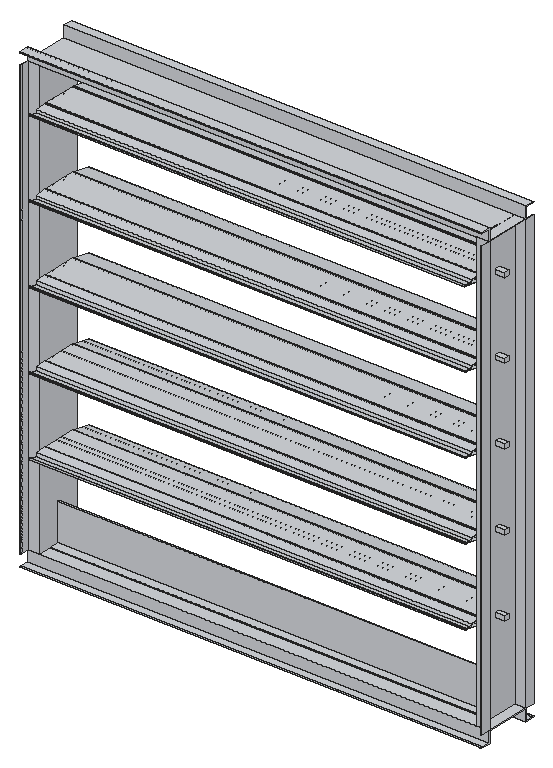
Revit family "CD-160,161", category Mechanical Equipment, Revit 2015
Parameters
  URL = "http://unitedenertech.com/catalog/pdf/A_13%20CD-160,%20161.pdf"
  Type Comments = "Max. Single Section Size is (48\"w x 60\"h)"
  Model = "CD-160, CD-161"
  Manufacturer = "United Enertech Corporation"
  Keynote = "This model is only a representation of the product, blade position will vary from built dampers."
  Exact Width = 3' - 0"
  Exact Height = 3' - 0"
  Description = "Airfoil Opposed Blade / Parallel Blade Steel Control Damper"
  Blade Spacing = 0' - 6"
  Blade Number [instance] = rounddown((Exact Height - 0' 3") / Blade Spacing)  # 5
  BW [instance] = Exact Width - 0' 2 1/8"  # 2' - 9 7/8"
Reference planes (in)
  plane 1 "Center (Front/Back)": y = 0
  plane 2: z = 0
  plane 3 "Center (Left/Right)": x = 0
  plane 4: x = -18
  plane 5: x = 18
  plane 6: z = 36
  plane 7: z = 35.0652
  plane 8: z = 0.9348
  plane 9: x = -17.0652
  plane 10: x = 17.0652
  plane 11: z = 32.27732
Forms (in)
  Extrusion 1, solid
    sketch origin (18.89882, -8.11588, 0) x (1, 0, 0) y (0, 1, 0)
      loop
        line (-36.83902, 8.11588) -> (-36.83902, 8.17568) -> (-36.83902, 8.80608) -> (-35.96402, 8.80608) -> (-35.96402, 12.42568) -> (-36.83902, 12.42568) -> (-36.83902, 13.05608) -> (-36.83902, 13.11588) -> (-36.89882, 13.11588) -> (-36.89882, 12.36588) -> (-36.02382, 12.36588) -> (-36.02382, 8.86588) -> (-36.89882, 8.86588) -> (-36.89882, 8.11588) -> (-36.83902, 8.11588)
    from 0.9348 to 35.0652
  Extrusion 2, solid
    sketch origin (-18.89882, -8.11588, 0) x (-1, 0, 0) y (0, -1, 0)
      loop
        line (-36.83902, -8.11588) -> (-36.89882, -8.11588) -> (-36.89882, -8.86588) -> (-36.02382, -8.86588) -> (-36.02382, -12.36588) -> (-36.89882, -12.36588) -> (-36.89882, -13.11588) -> (-36.83902, -13.11588) -> (-36.83902, -13.05608) -> (-36.83902, -12.42568) -> (-35.96402, -12.42568) -> (-35.96402, -8.80608) -> (-36.83902, -8.80608) -> (-36.83902, -8.17568) -> (-36.83902, -8.11588)
    from 0.9348 to 35.0652
  Extrusion 3, solid
    sketch origin (-18.65691, -8.11588, 5.10118) x (0, 0, -1) y (0, 1, 0)
      loop
        line (-30.83902, 8.11588) -> (-30.83902, 8.17568) -> (-30.83902, 8.80608) -> (-29.96402, 8.80608) -> (-29.96402, 12.42568) -> (-30.83902, 12.42568) -> (-30.83902, 13.05608) -> (-30.83902, 13.11588) -> (-30.89882, 13.11588) -> (-30.89882, 12.36588) -> (-30.02382, 12.36588) -> (-30.02382, 8.86588) -> (-30.89882, 8.86588) -> (-30.89882, 8.11588) -> (-30.83902, 8.11588)
    from 0.65691 to 36.65691
  Extrusion 4, solid
    sketch origin (-30.43142, -8.11588, 36.89882) x (0, 0, 1) y (0, 1, 0)
      loop
        line (-36.83902, 8.17568) -> (-36.83902, 8.80608) -> (-35.96402, 8.80608) -> (-35.96402, 12.42568) -> (-36.83902, 12.42568) -> (-36.83902, 13.05608) -> (-36.83902, 13.11588) -> (-36.89882, 13.11588) -> (-36.89882, 12.36588) -> (-36.02382, 12.36588) -> (-36.02382, 8.86588) -> (-36.89882, 8.86588) -> (-36.89882, 8.11588) -> (-36.83902, 8.11588) -> (-36.83902, 8.17568)
    from -48.43142 to -12.43142
  Extrusion 5, solid
    sketch origin (-35.50069, -38.44609, 25.36795) x (0, -1, 0) y (0, 0, -1)
      loop
        line (-41.02709, -9.19725) -> (-41.02709, -9.69725) -> (-40.27709, -9.69725) -> (-40.27709, -9.61625) -> (-40.94609, -9.61625) -> (-40.94609, -9.19725) -> (-41.02709, -9.19725)
    from 18.43549 to 52.56589
  Extrusion 6, solid
    sketch origin (0, 5.64851, 0.33329) x (0, 1, 0) y (0, 0, 1)
      loop
        line (-3.14851, 3.60151) -> (-3.22663, 3.60151) -> (-3.22663, 0.67964) -> (-3.89851, 0.67964) -> (-3.89851, 0.60151) -> (-3.14851, 0.60151) -> (-3.14851, 3.60151)
    from -17.0652 to 17.0652
Dimensions and locks (in)
  equal spacing: plane 4, plane 3 "Center (Left/Right)", plane 5
  "Exact Width": plane 4 to plane 5
  "Exact Height": plane 6 to level
  locked: plane 6 to plane 7 at 0.9348
  locked: plane 8 to level at 0.9348
  locked: plane 10 to plane 5 at 0.9348
  locked: plane 4 to plane 9 at 0.9348
  locked: plane 7 to plane 11 at 2.78788
  equal spacing: group 1, group 2, group 3, group 4, group 5  (x2)
  equal spacing: group 5, group 4, group 3, group 2, group 1
  "Blade Spacing": nested 1 to nested 2
  aligned and locked: level to plane 2
  aligned and locked: plane 6 to Extrusion 3
  aligned and locked: plane 4 to Extrusion 3
  aligned and locked: Extrusion 3 to plane 5
  aligned and locked: plane 7 to Extrusion 1
  aligned and locked: plane 7 to Extrusion 2
  aligned and locked: Extrusion 1 to plane 8
  aligned and locked: Extrusion 2 to plane 8
  aligned and locked: Extrusion 4 to plane 5
  aligned and locked: plane 4 to Extrusion 4
  aligned and locked: Extrusion 5 to Extrusion 3
  aligned and locked: plane 10 to Extrusion 5
  aligned and locked: Extrusion 5 to plane 9
  aligned and locked: plane 3 "Center (Left/Right)" to nested 1
  aligned and locked: plane 11 to nested 1
  aligned and locked: Extrusion 6 to plane 9
  aligned and locked: plane 10 to Extrusion 6
Automatic sketch dimensions
  Extrusion 1 sketch curve to plane 4 = 0' - 0"  (x2)
  plane 1 "Center (Front/Back)" to Extrusion 1 sketch curve = 0' - 0"
  Extrusion 1 sketch curve to plane 9 = 0' - 0"
  Extrusion 1 sketch curve to plane 4 = 0' - 0.0598"  (x2)
  Extrusion 1 sketch curve to plane 9 = 0' - 0.0598"
  Extrusion 1 sketch curve to plane 1 "Center (Front/Back)" = 0' - 0.0598"
  Extrusion 1 sketch curve to Extrusion 1 sketch curve = 0' - 0.6304"  (x2)
  Extrusion 1 sketch curve to Extrusion 1 sketch curve = 0' - 0.0598"  (x3)
  Extrusion 1 sketch curve to Extrusion 1 sketch curve = 0' - 3 1/2"
  Extrusion 2 sketch curve to plane 5 = 0' - 0"  (x2)
  plane 1 "Center (Front/Back)" to Extrusion 2 sketch curve = 0' - 0"
  Extrusion 2 sketch curve to plane 10 = 0' - 0"
  Extrusion 2 sketch curve to plane 5 = 0' - 0.0598"  (x2)
  Extrusion 2 sketch curve to plane 10 = 0' - 0.0598"
  Extrusion 2 sketch curve to Extrusion 2 sketch curve = 0' - 0.0598"  (x4)
  Extrusion 2 sketch curve to Extrusion 2 sketch curve = 0' - 0.6304"  (x2)
  Extrusion 2 sketch curve to Extrusion 2 sketch curve = 0' - 3 1/2"
  Extrusion 3 sketch curve to plane 6 = 0' - 0"  (x2)
  Extrusion 3 sketch curve to plane 1 "Center (Front/Back)" = 0' - 0"
  Extrusion 3 sketch curve to plane 7 = 0' - 0"
  Extrusion 3 sketch curve to plane 6 = 0' - 0.0598"  (x2)
  plane 7 to Extrusion 3 sketch curve = 0' - 0.0598"
  Extrusion 3 sketch curve to Extrusion 3 sketch curve = 0' - 0.0598"  (x4)
  Extrusion 3 sketch curve to Extrusion 3 sketch curve = 0' - 0.6304"  (x2)
  Extrusion 3 sketch curve to Extrusion 3 sketch curve = 0' - 3 1/2"
  Extrusion 4 sketch curve to level = 0' - 0"  (x2)
  Extrusion 4 sketch curve to plane 1 "Center (Front/Back)" = 0' - 0"
  Extrusion 4 sketch curve to plane 8 = 0' - 0"
  level to Extrusion 4 sketch curve = 0' - 0.0598"  (x2)
  Extrusion 4 sketch curve to plane 8 = 0' - 0.0598"
  Extrusion 4 sketch curve to plane 1 "Center (Front/Back)" = 0' - 0.0598"
  Extrusion 4 sketch curve to Extrusion 4 sketch curve = 0' - 0.6304"  (x2)
  Extrusion 4 sketch curve to Extrusion 4 sketch curve = 0' - 0.0598"  (x3)
  Extrusion 4 sketch curve to Extrusion 4 sketch curve = 0' - 3 1/2"
  Extrusion 5 sketch curve to plane 1 "Center (Front/Back)" = 0' - 2.581"
  Extrusion 5 sketch curve to Extrusion 5 sketch curve = 0' - 0.081"  (x2)
  Extrusion 5 sketch curve to Extrusion 5 sketch curve = 0' - 0.669"
  plane 8 to Extrusion 5 sketch curve = 2' - 10.1304"
  Extrusion 5 sketch curve to Extrusion 5 sketch curve = 0' - 0.419"
  plane 8 to Extrusion 6 sketch curve = 0' - 0 5/64"
  Extrusion 6 sketch curve to plane 1 "Center (Front/Back)" = 0' - 1 3/4"
  Extrusion 6 sketch curve to Extrusion 6 sketch curve = 0' - 0 43/64"
  Extrusion 6 sketch curve to Extrusion 6 sketch curve = 0' - 0 5/64"  (x2)
  Extrusion 6 sketch curve to Extrusion 6 sketch curve = 0' - 2 59/64"
Nested families (in)
  nested 1: "160BL" at (0, 2.25202, 30.67097), type "160BL"
    with Blade Width 2' - 9 7/8"
  nested 2: "160BL" at (0, 2.25202, 24.67097), type "160BL"
    with Blade Width 2' - 9 7/8"
  nested 3: "160BL" at (0, 2.25202, 18.67097), type "160BL"
    with Blade Width 2' - 9 7/8"
  nested 4: "160BL" at (0, 2.25202, 12.67097), type "160BL"
    with Blade Width 2' - 9 7/8"
  nested 5: "160BL" at (0, 2.25202, 6.67097), type "160BL"
    with Blade Width 2' - 9 7/8"
Definition of nested family "160BL"
  Parameters (values of type "160BL")
    Blade Width = 2' - 0"
  Reference planes (in)
    plane 1 "Center (Front/Back)": y = 0
    plane 2: z = 0
    plane 3 "Center (Left/Right)": x = 0
    plane 4: x = -12
    plane 5: x = 12
    plane 6: x = 13
    plane 7: x = 10
    plane 8: x = -10
    plane 9: x = -13
  Forms (in)
    Extrusion 1, solid
      sketch origin (-29.66395, -41.88595, -4.51752) x (0, -1, 0) y (0, 0, -1)
        loop
          line (-42.3214, -5.69562) -> (-42.3214, -6.04405) -> (-41.94647, -6.04405) -> (-41.94647, -5.69562) -> (-42.3214, -5.69562)
      from 39.66395 to 42.66395
    Extrusion 2, solid
      sketch origin (-29.66395, -42.01854, -6.8342) x (0, -1, 0) y (0, 0, -1)
        loop
          line (-43.46599, -7.97904) -> (-43.51899, -7.97904) -> (-43.51899, -8.39235) -> (-42.90411, -8.41377) -> (-42.50696, -8.41377) -> (-42.50696, -8.36074) -> (-42.90411, -8.36074) -> (-43.46599, -8.34116) -> (-43.46599, -7.97904)
      from 17.66395 to 41.66395
    Extrusion 3, solid
      sketch origin (-29.66395, -42.01854, -6.8342) x (0, -1, 0) y (0, 0, -1)
        loop
          line (-43.41296, -8.32667) -> (-43.41296, -8.03022) -> (-42.89933, -8.01224) -> (-42.50696, -8.01224) -> (-42.50696, -8.41377) -> (-42.02598, -8.41377) -> (-42.02598, -8.0123) -> (-41.62883, -8.0123) -> (-41.11996, -8.03003) -> (-41.11996, -8.32648) -> (-41.06699, -8.32648) -> (-41.06699, -7.97904) -> (-41.63442, -7.95927) -> (-42.07906, -7.95927) -> (-42.07906, -8.36074) -> (-42.45398, -8.36074) -> (-42.45398, -7.95927) -> (-42.90119, -7.95927) -> (-43.46596, -7.97904) -> (-43.46596, -8.32667) -> (-43.41296, -8.32667)
      from 17.66395 to 41.66395
    Extrusion 4, solid
      sketch origin (-29.66395, -42.01854, -6.8342) x (0, -1, 0) y (0, 0, -1)
        loop
          line (-42.45398, -7.95927) -> (-42.45398, -8.01224) -> (-42.07906, -8.01224) -> (-42.07906, -7.95927) -> (-42.45398, -7.95927)
      from 17.66395 to 41.66395
    Extrusion 5, solid
      sketch origin (-29.66395, -42.01854, -6.8342) x (0, -1, 0) y (0, 0, -1)
        loop
          line (-41.06705, -7.97904) -> (-41.06705, -8.34116) -> (-41.62893, -8.36074) -> (-42.02598, -8.36074) -> (-42.02598, -8.41377) -> (-41.62893, -8.41377) -> (-41.01405, -8.39235) -> (-41.01405, -7.97904) -> (-41.06705, -7.97904)
      from 17.66395 to 41.66395
    Extrusion 6, solid
      sketch origin (-29.66395, -42.01854, -6.8342) x (0, -1, 0) y (0, 0, -1)
        loop
          line (-45.11444, -8.04212) -> (-45.14143, -8.06102) -> (-45.14143, -8.15472) -> (-43.65311, -8.44766) -> (-43.61881, -8.3631) -> (-43.58593, -8.44056) -> (-40.94517, -8.44056) -> (-40.91325, -8.36156) -> (-40.87962, -8.44109) -> (-40.06454, -8.37558) -> (-40.01199, -8.16476) -> (-39.44168, -8.27557) -> (-39.41851, -8.2524) -> (-40.03184, -8.13323) -> (-40.08641, -8.35172) -> (-40.86, -8.41376) -> (-40.88095, -8.33556) -> (-40.94478, -8.33556) -> (-40.96652, -8.41377) -> (-43.56615, -8.41377) -> (-43.58705, -8.33578) -> (-43.65168, -8.33578) -> (-43.67323, -8.41619) -> (-45.11444, -8.13252) -> (-45.11444, -8.04212)
      from 17.66395 to 41.66395
    Extrusion 7, solid
      sketch origin (-29.66395, 42.51351, 9.53877) x (0, 1, 0) y (0, 0, 1)
        loop
          line (-45.11444, -8.04212) -> (-45.14143, -8.06102) -> (-45.14143, -8.15472) -> (-43.65311, -8.44766) -> (-43.61881, -8.3631) -> (-43.58593, -8.44056) -> (-40.94517, -8.44056) -> (-40.91325, -8.36156) -> (-40.87962, -8.44109) -> (-40.06454, -8.37558) -> (-40.01199, -8.16476) -> (-39.44168, -8.27557) -> (-39.41851, -8.2524) -> (-40.03184, -8.13323) -> (-40.08641, -8.35172) -> (-40.86, -8.41376) -> (-40.88095, -8.33556) -> (-40.94478, -8.33556) -> (-40.96652, -8.41377) -> (-43.56615, -8.41377) -> (-43.58705, -8.33578) -> (-43.65168, -8.33578) -> (-43.67323, -8.41619) -> (-45.11444, -8.13252) -> (-45.11444, -8.04212)
      from 17.66395 to 41.66395
    Extrusion 8, solid
      sketch origin (-63.16395, -41.88595, -4.51752) x (0, -1, 0) y (0, 0, -1)
        loop
          line (-42.3214, -5.69562) -> (-42.3214, -6.04405) -> (-41.94647, -6.04405) -> (-41.94647, -5.69562) -> (-42.3214, -5.69562)
      from 50.16395 to 53.16395
  Dimensions and locks (in)
    equal spacing: plane 4, plane 3 "Center (Left/Right)", plane 5
    "Blade Width": plane 4 to plane 5
    locked: plane 7 to plane 5 at 2
    locked: plane 5 to plane 6 at 1
    locked: plane 4 to plane 8 at 2
    locked: plane 9 to plane 4 at 1
    aligned and locked: level to plane 2
    aligned and locked: plane 5 to Extrusion 6
    aligned and locked: plane 5 to Extrusion 7
    aligned and locked: plane 5 to Extrusion 5
    aligned and locked: plane 5 to Extrusion 3
    aligned and locked: plane 5 to Extrusion 2
    aligned and locked: Extrusion 1 to plane 6
    aligned and locked: plane 5 to Extrusion 4
    aligned and locked: plane 7 to Extrusion 1
    aligned and locked: Extrusion 8 to plane 9
    aligned and locked: Extrusion 8 to plane 8
    aligned and locked: plane 4 to Extrusion 6
    aligned and locked: plane 4 to Extrusion 7
    aligned and locked: plane 4 to Extrusion 2
    aligned and locked: plane 4 to Extrusion 3
    aligned and locked: plane 4 to Extrusion 5
    aligned and locked: plane 4 to Extrusion 4
  Automatic sketch dimensions
    Extrusion 1 sketch curve to plane 1 "Center (Front/Back)" = 0' - 0.43545"
    Extrusion 1 sketch curve to plane 1 "Center (Front/Back)" = 0' - 0.06052"
    level to Extrusion 1 sketch curve = 0' - 1.52654"
    Extrusion 1 sketch curve to Extrusion 1 sketch curve = 0' - 0.34843"
    Extrusion 2 sketch curve to plane 1 "Center (Front/Back)" = 0' - 1.50045"
    Extrusion 2 sketch curve to Extrusion 2 sketch curve = 0' - 0.053"
    Extrusion 2 sketch curve to Extrusion 2 sketch curve = 0' - 0.56188"
    Extrusion 2 sketch curve to Extrusion 2 sketch curve = 0' - 0"
    Extrusion 2 sketch curve to Extrusion 2 sketch curve = 0' - 0.39715"
    level to Extrusion 2 sketch curve = 0' - 1.57957"
    Extrusion 2 sketch curve to Extrusion 2 sketch curve = 0' - 0.02142"
    Extrusion 2 sketch curve to Extrusion 2 sketch curve = 0' - 0.05303"
    Extrusion 2 sketch curve to Extrusion 2 sketch curve = 0' - 0.05119"
    Extrusion 2 sketch curve to Extrusion 2 sketch curve = 0' - 0.36212"
    Extrusion 3 sketch curve to plane 1 "Center (Front/Back)" = 0' - 1.44742"
    Extrusion 3 sketch curve to Extrusion 3 sketch curve = 0' - 0.053"
    Extrusion 3 sketch curve to Extrusion 3 sketch curve = 0' - 0.51177"
    Extrusion 3 sketch curve to Extrusion 3 sketch curve = 0' - 0.00185"
    Extrusion 3 sketch curve to plane 1 "Center (Front/Back)" = 0' - 0.48842"
    Extrusion 3 sketch curve to Extrusion 3 sketch curve = 0' - 0.05297"  (x3)
    Extrusion 3 sketch curve to plane 1 "Center (Front/Back)" = 0' - 0.06052"
    Extrusion 3 sketch curve to plane 1 "Center (Front/Back)" = 0' - 0.00745"
    plane 1 "Center (Front/Back)" to Extrusion 3 sketch curve = 0' - 0.38411"
    Extrusion 3 sketch curve to Extrusion 3 sketch curve = 0' - 0.00559"
    Extrusion 3 sketch curve to Extrusion 3 sketch curve = 0' - 0.50887"
    level to Extrusion 3 sketch curve = 0' - 1.57957"
    Extrusion 3 sketch curve to Extrusion 3 sketch curve = 0' - 0.05303"  (x2)
    Extrusion 3 sketch curve to Extrusion 3 sketch curve = 0' - 0.0871"
    Extrusion 3 sketch curve to Extrusion 3 sketch curve = 0' - 0.08729"
    Extrusion 3 sketch curve to Extrusion 3 sketch curve = 0' - 0.29645"  (x2)
    Extrusion 3 sketch curve to Extrusion 3 sketch curve = 0' - 0.34843"
    Extrusion 3 sketch curve to Extrusion 3 sketch curve = 0' - 0.01798"
    Extrusion 3 sketch curve to Extrusion 3 sketch curve = 0' - 0.05099"
    Extrusion 3 sketch curve to Extrusion 3 sketch curve = 0' - 0.05118"
    Extrusion 4 sketch curve to plane 1 "Center (Front/Back)" = 0' - 0.43545"
    Extrusion 4 sketch curve to plane 1 "Center (Front/Back)" = 0' - 0.06052"
    level to Extrusion 4 sketch curve = 0' - 1.17804"
    Extrusion 4 sketch curve to Extrusion 4 sketch curve = 0' - 0.05297"
    Extrusion 5 sketch curve to plane 1 "Center (Front/Back)" = 0' - 0.00745"
    plane 1 "Center (Front/Back)" to Extrusion 5 sketch curve = 0' - 0.3896"
    Extrusion 5 sketch curve to Extrusion 5 sketch curve = 0' - 0"
    Extrusion 5 sketch curve to Extrusion 5 sketch curve = 0' - 0.56188"
    Extrusion 5 sketch curve to Extrusion 5 sketch curve = 0' - 0.053"
    level to Extrusion 5 sketch curve = 0' - 1.57957"
    Extrusion 5 sketch curve to Extrusion 5 sketch curve = 0' - 0.02142"
    Extrusion 5 sketch curve to Extrusion 5 sketch curve = 0' - 0.05303"
    Extrusion 5 sketch curve to Extrusion 5 sketch curve = 0' - 0.05119"
    Extrusion 5 sketch curve to Extrusion 5 sketch curve = 0' - 0.36212"
    level to Extrusion 6 sketch curve = 0' - 1.32052"
    Extrusion 6 sketch curve to plane 1 "Center (Front/Back)" = 0' - 3.12289"
    level to Extrusion 6 sketch curve = 0' - 1.20792"
    Extrusion 6 sketch curve to Extrusion 6 sketch curve = 0' - 0.02699"
    Extrusion 6 sketch curve to Extrusion 6 sketch curve = 0' - 1.44121"
    Extrusion 6 sketch curve to Extrusion 6 sketch curve = 0' - 0.02012"
    Extrusion 6 sketch curve to Extrusion 6 sketch curve = 0' - 0.02155"
    Extrusion 6 sketch curve to Extrusion 6 sketch curve = 0' - 0.03287"
    Extrusion 6 sketch curve to Extrusion 6 sketch curve = 0' - 0.03176"
    Extrusion 6 sketch curve to Extrusion 6 sketch curve = 0' - 0.06717"
    Extrusion 6 sketch curve to Extrusion 6 sketch curve = 0' - 0.01978"
    plane 1 "Center (Front/Back)" to Extrusion 6 sketch curve = 0' - 1.05202"
    Extrusion 6 sketch curve to Extrusion 6 sketch curve = 0' - 0.02136"
    Extrusion 6 sketch curve to Extrusion 6 sketch curve = 0' - 0.02174"
    Extrusion 6 sketch curve to Extrusion 6 sketch curve = 0' - 0.03153"  (x2)
    Extrusion 6 sketch curve to Extrusion 6 sketch curve = 0' - 0.0323"
    Extrusion 6 sketch curve to Extrusion 6 sketch curve = 0' - 0.06554"
    Extrusion 6 sketch curve to Extrusion 6 sketch curve = 0' - 0.01963"
    Extrusion 6 sketch curve to Extrusion 6 sketch curve = 0' - 0.77359"
    Extrusion 6 sketch curve to Extrusion 6 sketch curve = 0' - 0.02187"
    Extrusion 6 sketch curve to Extrusion 6 sketch curve = 0' - 0.05457"
    Extrusion 6 sketch curve to Extrusion 6 sketch curve = 0' - 0.01985"
    Extrusion 6 sketch curve to Extrusion 6 sketch curve = 0' - 0 73/128"
    Extrusion 6 sketch curve to Extrusion 6 sketch curve = 0' - 0.02317"  (x2)
    level to Extrusion 6 sketch curve = 0' - 1.33056"
    Extrusion 6 sketch curve to Extrusion 6 sketch curve = 0' - 0.08764"
    Extrusion 6 sketch curve to Extrusion 6 sketch curve = 0' - 0.1708"
    level to Extrusion 6 sketch curve = 0' - 1.50158"
    Extrusion 6 sketch curve to Extrusion 6 sketch curve = 0' - 0.18696"
    Extrusion 6 sketch curve to Extrusion 6 sketch curve = 0' - 0.02601"
    Extrusion 6 sketch curve to Extrusion 6 sketch curve = 0' - 0 7/256"  (x2)
    Extrusion 6 sketch curve to Extrusion 6 sketch curve = 0' - 0.02386"
    Extrusion 6 sketch curve to Extrusion 6 sketch curve = 0' - 0.05219"
    Extrusion 6 sketch curve to Extrusion 6 sketch curve = 0' - 0.05067"
    Extrusion 6 sketch curve to Extrusion 6 sketch curve = 0' - 0.05309"
    Extrusion 6 sketch curve to Extrusion 6 sketch curve = 0' - 0.02679"
    Extrusion 6 sketch curve to Extrusion 6 sketch curve = 0' - 0.03147"
    Extrusion 6 sketch curve to Extrusion 6 sketch curve = 0' - 0.0222"
    Extrusion 6 sketch curve to Extrusion 6 sketch curve = 0' - 0.0189"
    plane 1 "Center (Front/Back)" to Extrusion 7 sketch curve = 0' - 2.62792"
    Extrusion 7 sketch curve to Extrusion 7 sketch curve = 0' - 0.02699"
    plane 1 "Center (Front/Back)" to Extrusion 7 sketch curve = 0' - 1.15972"
    Extrusion 7 sketch curve to Extrusion 7 sketch curve = 0' - 0.02012"
    Extrusion 7 sketch curve to Extrusion 7 sketch curve = 0' - 0.02155"
    Extrusion 7 sketch curve to Extrusion 7 sketch curve = 0' - 0.03287"
    Extrusion 7 sketch curve to Extrusion 7 sketch curve = 0' - 0.03176"
    Extrusion 7 sketch curve to Extrusion 7 sketch curve = 0' - 0.06717"
    Extrusion 7 sketch curve to Extrusion 7 sketch curve = 0' - 0.01978"
    Extrusion 7 sketch curve to plane 1 "Center (Front/Back)" = 0' - 1.54699"
    Extrusion 7 sketch curve to Extrusion 7 sketch curve = 0' - 0.02136"
    Extrusion 7 sketch curve to Extrusion 7 sketch curve = 0' - 0.02174"
    Extrusion 7 sketch curve to Extrusion 7 sketch curve = 0' - 0.03153"  (x2)
    Extrusion 7 sketch curve to Extrusion 7 sketch curve = 0' - 0.0323"
    Extrusion 7 sketch curve to Extrusion 7 sketch curve = 0' - 0.06554"
    Extrusion 7 sketch curve to Extrusion 7 sketch curve = 0' - 0.01963"
    level to Extrusion 7 sketch curve = 0' - 1.18705"
    Extrusion 7 sketch curve to Extrusion 7 sketch curve = 0' - 0.77359"
    level to Extrusion 7 sketch curve = 0' - 1.16319"
    Extrusion 7 sketch curve to Extrusion 7 sketch curve = 0' - 0.02187"
    Extrusion 7 sketch curve to Extrusion 7 sketch curve = 0' - 0.05457"
    Extrusion 7 sketch curve to Extrusion 7 sketch curve = 0' - 0.01985"
    level to Extrusion 7 sketch curve = 0' - 1.2632"
    Extrusion 7 sketch curve to Extrusion 7 sketch curve = 0' - 0 73/128"
    level to Extrusion 7 sketch curve = 0' - 1.28637"
    Extrusion 7 sketch curve to Extrusion 7 sketch curve = 0' - 0.02317"
    Extrusion 7 sketch curve to Extrusion 7 sketch curve = 0' - 0.06204"
    level to Extrusion 7 sketch curve = 0' - 1 1/8"
    Extrusion 7 sketch curve to Extrusion 7 sketch curve = 0' - 0.00242"
    Extrusion 7 sketch curve to Extrusion 7 sketch curve = 0' - 0.02679"
    Extrusion 7 sketch curve to Extrusion 7 sketch curve = 0' - 0 7/256"  (x2)
    Extrusion 7 sketch curve to Extrusion 7 sketch curve = 0' - 0.03147"
    Extrusion 7 sketch curve to Extrusion 7 sketch curve = 0' - 0.05067"
    Extrusion 7 sketch curve to Extrusion 7 sketch curve = 0' - 0.05219"
    Extrusion 7 sketch curve to Extrusion 7 sketch curve = 0' - 0.02601"
    Extrusion 7 sketch curve to Extrusion 7 sketch curve = 0' - 0.18696"
    level to Extrusion 7 sketch curve = 0' - 1.38405"
    Extrusion 7 sketch curve to Extrusion 7 sketch curve = 0' - 0.0222"
    Extrusion 7 sketch curve to Extrusion 7 sketch curve = 0' - 0.07151"
    Extrusion 7 sketch curve to Extrusion 7 sketch curve = 0' - 0.0189"
    Extrusion 8 sketch curve to plane 1 "Center (Front/Back)" = 0' - 0.43545"
    Extrusion 8 sketch curve to plane 1 "Center (Front/Back)" = 0' - 0.06052"
    level to Extrusion 8 sketch curve = 0' - 1.52654"
    Extrusion 8 sketch curve to Extrusion 8 sketch curve = 0' - 0.34843"
